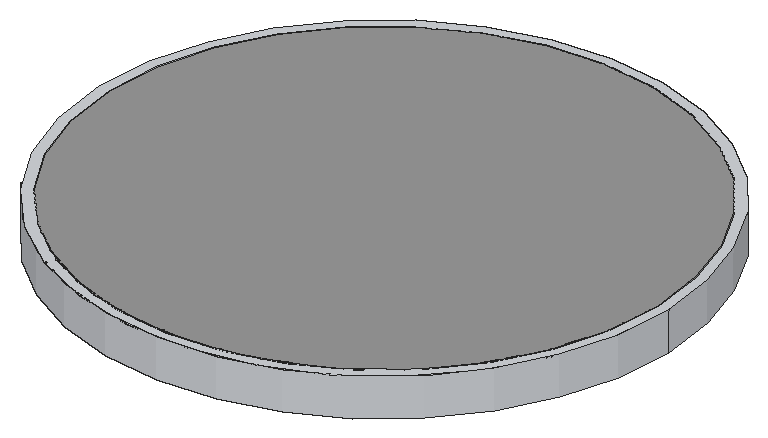
Revit family "2071252", category Lighting Fixtures, host Face, Revit 2018
Family settings
  Host = Face
  Round Connector Dimension = Use Diameter
  Part Type = Normal
  OmniClass Number = 23.80.70.00
  OmniClass Title = Lighting
  Cut with Voids When Loaded = No
  Light Source = Yes
  Shared = No
  Room Calculation Point = No
Parameters (values of type "2071252 COLOSSAL 900 940 OP DIR WHT SSC")
  iner diameter = 856 mm
  Weight = "n/a"
  Wattage Comments = ""
  Wattage = 30 W
  WarrantyStartDate [instance] = "n/a"
  WarrantyGuarantorParts = "n/a"
  WarrantyDurationUnit = "n/a"
  WarrantyDurationParts = ""
  WarrantyDescription = "http://www.sylvania-lighting.com"
  built-in parameter 1150110 = 1 (stored number, unit not read)
  Voltage = 230 V
  URL = "0.95"
  TypeName = "COLOSSAL 900mm 940 OPAL DIR WHITE SSC"
  Type Image = <None>
  Type Comments = "n/a"
  built-in parameter 1114217 = 1 (stored number, unit not read)
  Tilt Angle = -90.00°
  built-in parameter 1150109 = 1 (stored number, unit not read)
  built-in parameter 1150134 = (empty or 0)
  built-in parameter 1150113 = 1 (stored number, unit not read)
  SerialNumber [instance] = "n/a"
  Photometric Web File = "2071252.ies"
  Material_3_SYL = LED-Sylvania
  PowerFactor = 0
  PowerConsumption = "Lighting"
  NominalLength = 888 mm
  NominalHeight = 93 mm
  NominalDepth = 888 mm
  Name = "COLOSSAL 900mm 940 OPAL DIR WHITE SSC"
  ModelReference = Name  # "COLOSSAL 900mm 940 OPAL DIR WHITE SSC"
  ModelNumber = "2071252"
  Model = Name  # "COLOSSAL 900mm 940 OPAL DIR WHITE SSC"
  Material = "Feilo Sylvania"
  ManufacturerName = "121 lm/W"
  Manufacturer = ""
  LuminousEfficacy = ""
  built-in parameter 1150105 = 270.44 (stored number, unit not read)
  Lumens = 3398.4 lm
  LuminaireType = "0"
  built-in parameter 1150115 = 1 (stored number, unit not read)
  LightOutputRatio = "LED"
  built-in parameter 1150137 = (empty or 0)
  built-in parameter 1150139 = (empty or 0)
  LampsType = Lamp  # "n/a"
  LampNominalLuminous = "4000 K"
  LampMacAdamStep = "90"
  LampColourTemperature = "LED"
  LampColourRenderingIndex = "16500"
  built-in parameter 1150112 = 1 (stored number, unit not read)
  built-in parameter 1150114 = 1 (stored number, unit not read)
  Lamp = "n/a"
  Keynote = "n/a"
  InstallationDate [instance] = "n/a"
  InputVoltage = "0"
  InputNominalFrequency = "4000"
  built-in parameter 1150132 = (empty or 0)
  built-in parameter 1150102 = (empty or 0)
  built-in parameter 1150107 = 3000 (stored number, unit not read)
  built-in parameter 1150138 = (empty or 0)
  IngressProtection = "IfcLightFixtureType"
  ImpactProtectionIndex = "IfcLightFixtureType"
  built-in parameter 1150106 = 2.7044 (stored number, unit not read)
  IfcExportType = "IfcLightFixtureType"
  IfcExportAs = "Class I"
  Emit from Circle Diameter = 385 mm
  Emit Shape Visible in Rendering = no
  ElectricShockClassification = "121"
  built-in parameter 1150104 = 10.524 (stored number, unit not read)
  DocumentationLiterature = "http://www.sylvania-lighting.com/product/en-int/products/2071252"
  DimmingControlOptions = "n/a"
  Material_2_SYL = Polycarbonate_Sylvania_White
  Dimming Lamp Color Temperature Shift = <None>
  Description = "900mm diameter circular architectural luminaire, can be surface mounted or suspended. Powder coated aluminium housing (RAL9016) with polycarbonate opal diffuser. Direct light distribution, 9275lm luminuous flux, 76.8W system power, 121lm/W luminiaire efficacy. Sylsmart Standalone enabled. Colour rendering index Ra >90, 4000K Neutral White LED, chromaticity tolerance of 3-step MacAdam ellipse. IP40/IP20, IK03. 450mA drive current. Electrical protection Class1, 220-240V. Reported lifetime 66k hours L90B10."
  Default Elevation = 1219.2 mm
  CreatedOn = "23/03/2022"
  CreatedBy = "@sylvania-lighting.com"
  Cost = 0
  Color Filter = 16777215
  built-in parameter 1114216 [instance] = (empty or 0)
  ClassificationValue = "EF_70_80"
  ClassificationName = "Uniclass2015"
  Material_1_SYL = Polycarbonate_Sylvania_Opal
  BarCode [instance] = "n/a"
  built-in parameter 1114218 = 1 (stored number, unit not read)
  built-in parameter 1150133 = 10 (stored number, unit not read)
  AssetType = "Fixed"
  AssetIdentifier [instance] = "n/a"
  Assembly Code = "D5020200"
  Apparent Load = 76.8 VA
  Material_4_SYL = none
Reference planes
  plane 1 "Center (Front/Back)": y = 0
  plane 2: z = 0
  plane 3 "Center (Left/Right)": x = 0
  plane 4: z = 1.161
  plane 5: z = 16.161
  plane 6: x = -444
  plane 7: x = 444
  plane 8: y = 444
  plane 9: y = -444
  plane 10: y = 236
  plane 11: y = -236
  plane 12: x = 85
  plane 13: x = -85
  plane 14: through (0, 0, 1219.2) normal (0.5, 0.866, 0)
  plane 15: through (42.5, 73.612, 1219.2) normal (0.5, 0.866, 0)
  plane 16: through (-42.5, -73.612, 1219.2) normal (0.5, 0.866, 0)
  plane 17: through (0, 0, 1219.2) normal (0.5, -0.866, 0)
  plane 18: through (-42.5, 73.612, 1219.2) normal (0.5, -0.866, 0)
  plane 19: through (42.5, -73.612, 1219.2) normal (0.5, -0.866, 0)
  plane 20: z = 93
  plane 21: y = 428
  plane 22: y = -428
Forms (mm)
  Extrusion 1, solid, detail levels medium+fine
    sketch origin (0, 0, 0) x (0.866025, -0.5, 0) y (0.5, 0.866025, 0)
      loop
        circle (-50, 86.603) r 22
    from 0 to 2
  Extrusion 2, solid, detail levels medium+fine
    sketch origin (0, 0, 0) x (0.866025, -0.5, 0) y (0.5, 0.866025, 0)
      loop
        circle (100, 0) r 22
      loop
        circle (-50, -86.603) r 22
    from 0 to 2
  Blend 3, solid, detail levels medium+fine
    base sketch origin (0, 0, 0) x (1, 0, 0) y (0, 1, 0)
      loop
        line (-85, 236) -> (-246.882, -44.388) -> (-161.882, -191.612) -> (161.882, -191.612) -> (246.882, -44.388) -> (85, 236) -> (-85, 236)
    top sketch origin (0, 0, 0) x (1, 0, 0) y (0, 1, 0)
      loop
        line (-85, 283.076) -> (-287.651, -67.926) -> (-207.792, -218.119) -> (207.792, -218.119) -> (292.5, -71.401) -> (85, 283.076) -> (-85, 283.076)
    from 0 to 33.022
  Extrusion 4, solid, detail levels medium+fine
    sketch origin (0, 0, 0) x (1, 0, 0) y (0, 1, 0)
      loop
        circle (0, 0) r 444
    from 33.022 to 93
  Extrusion 5, void
    sketch origin (0, 0, 0) x (1, 0, 0) y (0, 1, 0)
      loop
        circle (0, 0) r 428
    from 96.588 to 37.292
  Extrusion 6, solid, material "Glass, White, High Luminance", detail levels fine
    sketch origin (0, 0, 0) x (1, 0, 0) y (0, 1, 0)
      loop
        circle (0, 0) r 428
    from 87.991 to 93
  Extrusion 7, solid, detail levels coarse
    sketch origin (0, 0, 0) x (1, 0, 0) y (0, 1, 0)
      loop
        line (-444, 444) -> (-444, -444) -> (444, -444) -> (444, 444) -> (-444, 444)
    from 0 to 93.648
Cuts and joins
  Extrusion 5 cuts Extrusion 1
  Extrusion 5 cuts Extrusion 2
  Extrusion 5 cuts Blend 3
  Extrusion 5 cuts Extrusion 4
Lines and regions (mm)
  model lines, detail levels medium+fine
    curve 1: circle (0, 0, 0) r 100 normal (0, 0, 1)
Dimensions and locks
  "NominalDepth": plane 8 to plane 9
  plane 8 to plane 1 "Center (Front/Back)" to plane 9 = 444 mm, 444 mm
  "NominalLength": plane 6 to plane 7
  equal spacing: plane 6, plane 3 "Center (Left/Right)", plane 7
  "NominalHeight": level to plane 20
  "iner diameter": plane 21 to plane 22
  equal spacing: plane 21, plane 1 "Center (Front/Back)", plane 22
  aligned and locked: plane 2 to host face
  aligned and locked: level to host face
Automatic sketch dimensions
  host sketch curve to host sketch curve = 2438.4 mm  (x2)
  Extrusion 1 sketch curve to plane 3 "Center (Left/Right)" = 0 mm
  Extrusion 1 sketch curve to plane 1 "Center (Front/Back)" = 100 mm
  plane 1 "Center (Front/Back)" to Extrusion 2 sketch curve = 50 mm
  Extrusion 2 sketch curve to plane 3 "Center (Left/Right)" = 86.603 mm
  Extrusion 2 sketch curve to Extrusion 2 sketch curve = 150 mm
  Extrusion 2 sketch curve to Extrusion 2 sketch curve = 86.603 mm
  plane 1 "Center (Front/Back)" to curve 1 = 0 mm
  curve 1 to plane 3 "Center (Left/Right)" = 0 mm
  plane 18 to Blend 3 sketch curve = 0 mm  (x2)
  plane 19 to Blend 3 sketch curve = 0 mm  (x2)
  Blend 3 sketch curve to plane 10 = 0 mm
  Blend 3 sketch curve to plane 13 = 0 mm  (x2)
  Blend 3 sketch curve to plane 12 = 0 mm  (x2)
  Blend 3 sketch curve to plane 16 = 0 mm  (x2)
  Blend 3 sketch curve to plane 15 = 0 mm
  plane 11 to Blend 3 sketch curve = 44.388 mm
  plane 1 "Center (Front/Back)" to Blend 3 sketch curve = 44.388 mm  (x2)
  plane 11 to Blend 3 sketch curve = 17.881 mm
  plane 1 "Center (Front/Back)" to Blend 3 sketch curve = 67.926 mm
  plane 1 "Center (Front/Back)" to Blend 3 sketch curve = 71.401 mm
  Blend 3 sketch curve to plane 7 = 151.5 mm
  plane 10 to Blend 3 sketch curve = 47.076 mm
  plane 1 "Center (Front/Back)" to Extrusion 4 sketch curve = 0 mm
  Extrusion 4 sketch curve to plane 3 "Center (Left/Right)" = 0 mm
  plane 1 "Center (Front/Back)" to Extrusion 5 sketch curve = 0 mm
  Extrusion 5 sketch curve to plane 3 "Center (Left/Right)" = 0 mm
  plane 1 "Center (Front/Back)" to Extrusion 6 sketch curve = 0 mm
  Extrusion 6 sketch curve to plane 3 "Center (Left/Right)" = 0 mm
  Extrusion 7 sketch curve to plane 6 = 0 mm
  Extrusion 7 sketch curve to plane 7 = 0 mm
  Extrusion 7 sketch curve to plane 9 = 0 mm
  Extrusion 7 sketch curve to plane 8 = 0 mm
  radius of Extrusion 1 sketch curve = 22 mm
  radius of Extrusion 2 sketch curve = 22 mm  (x2)
  radius of curve 1 = 100 mm
  radius of Extrusion 4 sketch curve = 444 mm
  radius of Extrusion 5 sketch curve = 428 mm
  radius of Extrusion 6 sketch curve = 428 mm
Connectors
  electrical at (0, 0, 0), driven by "Apparent Load", driven by "PowerFactor", driven by "Voltage"
    settings: index 1, voltage 230 V, apparent load 76.8 VA, apparent load phase1 0 VA, apparent load phase2 0 VA, apparent load phase3 0 VA, power factor 0, load classification "Lighting", number of poles 1, system type 30, power factor state 1, is connector primary yes, connector utility no, sub classification motor no, connector description ""
